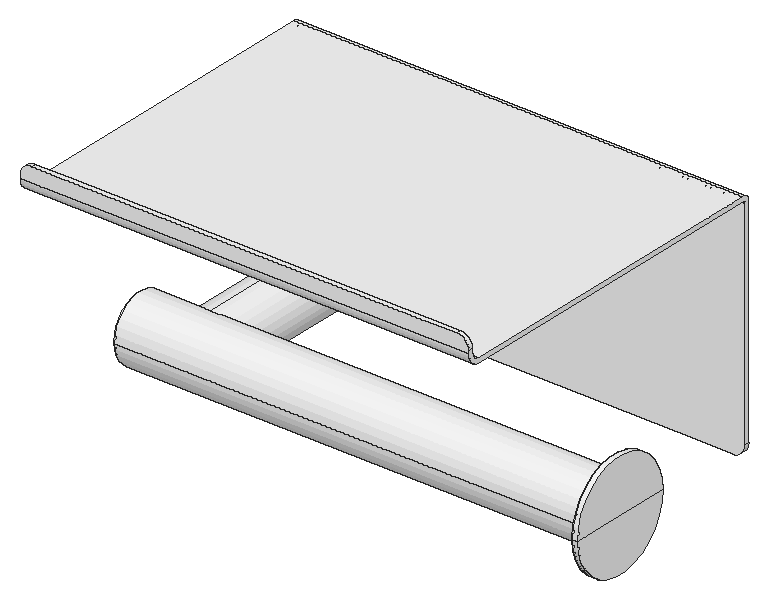
Revit family "Reece_Accessory_Roca_Ona_Toilet Roll Holder_With Cover", category Plumbing Fixtures, Revit 2018
Family settings
  Round Connector Dimension = Use Diameter
  Part Type = Normal
  Work Plane-Based = Yes
  Always vertical = Yes
  Cut with Voids When Loaded = Yes
  Shared = Yes
  Room Calculation Point = Yes
Parameters
  URL = "https://www.reece.com.au/product/-15062"
  Type Comments = "Accessory"
  Reece_Product_Web Page = "https://www.reece.com.au/product/-15062"
  Reece_Product_Type = "Accessory"  # constant formula
  Reece_Product_Sub Brand = "Ona"  # constant formula
  Reece_Product_Number = "15062"
  Reece_Product_Mount = "Wall Mounted"  # constant formula
  Reece_Product_Description = "Roca Ona Toilet Roll Holder with Cover Chrome"
  Reece_Product_Brand = "Roca"  # constant formula
  Reece_Overall_Width = 163.5 mm  # constant formula
  Reece_Overall_Projection = 118.5 mm  # constant formula
  Reece_Material_Main = Reece_Brass_Chrome
  Reece_Height_From_Level [instance] = 1000.0 mm
  Reece_Fixing_Limit [instance] = if(Reece_Height_From_Level < 18.0 mm, 18.0 mm, if(Reece_Height_From_Level > 18.0 mm, Reece_Height_From_Level, Reece_Height_From_Level))  # 1000.0 mm
  Reece_Detail_Shape = ""
  Reece_Detail_Installation = ""
  Reece_Detail_Disclaimer = "THIS FILE IS THE PROPERTY OF THE REECE GROUP. IT MAY NOT BE REPRODUCED, REVERSE-ENGINEERED, OR MODIFIED. ANY REPUBLICATION, TRANSMISSION, OR DISTRIBUTION FOR THE PURPOSE OF COMMERCIALLY EXPLOITING THE FILES IS PROHIBITED."  # constant formula
  Reece_Detail_Additional = "With Cover"  # constant formula
  Model = "Ona"
  Manufacturer = "Roca"
  Keynote = "Product #15062, Reece_Accessory_Roca_Ona_Toilet Roll Holder_With Cover -  "
  Disclaimer = "THIS FILE IS THE PROPERTY OF THE REECE GROUP. IT MAY NOT BE REPRODUCED, REVERSE-ENGINEERED, OR MODIFIED. ANY REPUBLICATION, TRANSMISSION, OR DISTRIBUTION FOR THE PURPOSE OF COMMERCIALLY EXPLOITING THE FILES IS PROHIBITED."  # constant formula
  Description = "Roca Ona Toilet Roll Holder with Cover Chrome"
  Default Elevation = 0.0 mm
Types (6, lengths in mm): name | URL | Reece_Product_Web Page | Reece_Product_Number | Reece_Product_Description | Reece_Material_Main | Keynote | Description
  (no name) | "https://www.reece.com.au/product/-15062" | "https://www.reece.com.au/product/-15062" | "15062" | "Roca Ona Toilet Roll Holder with Cover Chrome" | Reece_Brass_Chrome | "Product #15062, Reece_Accessory_Roca_Ona_Toilet Roll Holder_With Cover -  " | "Roca Ona Toilet Roll Holder with Cover Chrome"
  Matte Black | "https://www.reece.com.au/product/-15063" | "https://www.reece.com.au/product/-15063" | "15063" | "Roca Ona Toilet Roll Holder with Cover Matte Black" | Reece_Brass_Matte Black | "Product #15063, Reece_Accessory_Roca_Ona_Toilet Roll Holder_With Cover - Matte Black" | "Roca Ona Toilet Roll Holder with Cover Matte Black"
  Brushed Nickel | "https://www.reece.com.au/product/-15065" | "https://www.reece.com.au/product/-15065" | "15065" | "Roca Ona Toilet Roll Holder with Cover Brushed Nickel" | Reece_Brass_Brushed Nickel | "Product #15065, Reece_Accessory_Roca_Ona_Toilet Roll Holder_With Cover - Brushed Nickel" | "Roca Ona Toilet Roll Holder with Cover Brushed Nickel"
  Brushed Brass | "https://www.reece.com.au/product/-15066" | "https://www.reece.com.au/product/-15066" | "15066" | "Roca Ona Toilet Roll Holder with Cover Brushed Brass" | Reece_Brass_Brushed | "Product #15066, Reece_Accessory_Roca_Ona_Toilet Roll Holder_With Cover - Brushed Brass" | "Roca Ona Toilet Roll Holder with Cover Brushed Brass"
  Chrome | "https://www.reece.com.au/product/-15062" | "https://www.reece.com.au/product/-15062" | "15062" | "Roca Ona Toilet Roll Holder with Cover Chrome" | Reece_Brass_Chrome | "Product #15062, Reece_Accessory_Roca_Ona_Toilet Roll Holder_With Cover - Chrome" | "Roca Ona Toilet Roll Holder with Cover Chrome"
  Matte White | "https://www.reece.com.au/product/-15064" | "https://www.reece.com.au/product/-15064" | "15064" | "Roca Ona Toilet Roll Holder with Cover Matte White" | Reece_Brass_Brushed Matte White | "Product #15064, Reece_Accessory_Roca_Ona_Toilet Roll Holder_With Cover - Matte White" | "Roca Ona Toilet Roll Holder with Cover Matte White"
Reference planes
  plane 1 "Center (Front/Back)": y = 0
  plane 2: z = -5
  plane 3 "Center (Left/Right)": x = 0
  plane 4 "Ref": z = 1000
  plane 5: z = 986
  plane 6: z = 1074
  plane 7 "Connect": x = -57.5
  plane 8: x = -27.5
  plane 9: y = -65.583
  plane 10 "Rail": y = -65.583
  plane 11: x = -78.5
  plane 12: y = -118.5
  plane 13: x = 85
Forms (mm)
  Revolve 1, void
    sketch origin (-57.5, 0, 0) x (0, -1, 0) y (0, 0, 1)
      loop
        line (22, 988.971) -> (22, 990.69)
        arc (22, 990.69) -> (20.482, 990.806) -> (19, 991.15) r 10.021
        line (19, 991.15) -> (19, 988.971) -> (22, 988.971)
      axis (22, 991.15) -> (22, 988.971)
    angle from 0 to 360
  Revolve 2, void
    sketch origin (-57.5, 0, 0) x (0, -1, 0) y (0, 0, 1)
      loop
        line (37, 988.971) -> (37, 990.69)
        arc (37, 990.69) -> (35.482, 990.806) -> (34, 991.15) r 10.021
        line (34, 991.15) -> (34, 988.971) -> (37, 988.971)
      axis (37, 991.15) -> (37, 988.971)
    angle from 0 to 360
  Extrusion 3, void
    sketch origin (-57.5, 0, 1000) x (-1, 0, 0) y (0, -1, 0)
      loop
        line (0, 38.424) -> (-1.233, 37.712) -> (-1.233, 36.288) -> (0, 35.576) -> (1.233, 36.288) -> (1.233, 37.712) -> (0, 38.424)
      loop
        line (0, 23.424) -> (-1.233, 22.712) -> (-1.233, 21.288) -> (0, 20.576) -> (1.233, 21.288) -> (1.233, 22.712) -> (0, 23.424)
    from -13.157 to 0
  Extrusion 4, solid, material "Reece_Brass_Chrome" <- "Reece_Material_Main"
    sketch origin (0, 0, 0) x (0, 1, 0) y (0, 0, 1)
      loop
        arc (0, 1063.5) -> (-0.732, 1065.268) -> (-2.5, 1066) r 2.5
        line (-2.5, 1066) -> (-114, 1066)
        arc (-114, 1066) -> (-116.121, 1066.879) -> (-117, 1069) r 3
        line (-117, 1069) -> (-117, 1074) -> (-118.5, 1074) -> (-118.5, 1069)
        arc (-118.5, 1069) -> (-117.182, 1065.818) -> (-114, 1064.5) r 4.5
        line (-114, 1064.5) -> (-2.5, 1064.5)
        arc (-2.5, 1064.5) -> (-1.793, 1064.207) -> (-1.5, 1063.5) r 1
        line (-1.5, 1063.5) -> (-1.5, 986) -> (0, 986) -> (0, 1063.5)
    from -76 to 76
  Extrusion 5, void
    sketch origin (0, 0, 0) x (1, 0, 0) y (0, 0, 1)
      loop
        arc (-76, 1070) -> (-74.828, 1072.828) -> (-72, 1074) r 4
        line (-72, 1074) -> (-61, 1074) -> (-61, 1086.487) -> (-91, 1086.487) -> (-91, 1056.487) -> (-76, 1056.487) -> (-76, 1070)
      loop
        line (76, 1056.487) -> (91, 1056.487) -> (91, 1086.487) -> (61, 1086.487) -> (61, 1074) -> (72, 1074)
        arc (72, 1074) -> (74.828, 1072.828) -> (76, 1070) r 4
        line (76, 1070) -> (76, 1056.487)
      loop
        circle (-30, 1029) r 2.5
      loop
        circle (30, 1029) r 2.5
      loop
        line (-76, 990) -> (-76, 1003.513) -> (-91, 1003.513) -> (-91, 973.513) -> (-61, 973.513) -> (-61, 986) -> (-72, 986)
        arc (-72, 986) -> (-74.828, 987.172) -> (-76, 990) r 4
      loop
        line (76, 1003.513) -> (76, 990)
        arc (76, 990) -> (74.828, 987.172) -> (72, 986) r 4
        line (72, 986) -> (61, 986) -> (61, 973.513) -> (91, 973.513) -> (91, 1003.513) -> (76, 1003.513)
    from 0 to 118.5
  Revolve 6, solid, material "Reece_Brass_Chrome" <- "Reece_Material_Main"
    sketch origin (-57.5, 0, 0) x (0, -1, 0) y (0, 0, 1)
      loop
        line (0, 1010) -> (0, 1000) -> (65.583, 1000) -> (65.583, 1010) -> (0, 1010)
      axis (0, 1000) -> (65.583, 1000)
    angle from 0 to 360
  Revolve 7, solid, material "Reece_Brass_Chrome" <- "Reece_Material_Main"
    sketch origin (0, 0, 1000) x (-1, 0, 0) y (0, -1, 0)
      loop
        line (78.5, 65.583) -> (-85, 65.583) -> (-85, 47.583) -> (-83.38, 47.583)
        arc (-83.38, 47.583) -> (-83.027, 47.729) -> (-82.88, 48.083) r 0.5
        line (-82.88, 48.083) -> (-82.88, 54.583) -> (77.5, 54.583)
        arc (77.5, 54.583) -> (78.227, 55.182) -> (78.5, 56.083) r 1.625
        line (78.5, 56.083) -> (78.5, 65.583)
      axis (78.5, 65.583) -> (-85, 65.583)
    angle from 0 to 360
Cuts and joins
  Extrusion 5 cuts Extrusion 4
  Revolve 1, Revolve 2, Extrusion 3 cuts Revolve 6
  joined: Extrusion 4, Revolve 6, Revolve 7
Lines and regions (mm)
  model lines, style "InvisibleLines"
    curve 1: line (0, 0, -5) -> (0, 0, 1000)
Text (mm)
  text "Reece Copyright © 2018, Reece Ltd." at (-381.4, -97.774, 0), in view "Ref. Level"
  text "Reece ©" at (-291.324, 461.187, 666.85), in view "Reece Preview"
Dimensions and locks
  locked: plane 2 to level at 5
  "Reece_Fixing_Limit": plane 4 "Ref" to level
  plane 4 "Ref" to Revolve 1 sketch curve to Revolve 1 sketch curve to Revolve 1 sketch curve = 8.85 mm locked, 0.46 mm locked, 1.72 mm locked
  Revolve 2 sketch curve to Revolve 2 sketch curve to Revolve 2 sketch curve = 0.46 mm locked, 1.72 mm locked
  locked: plane 4 "Ref" to plane 5 at 14
  plane 6 to plane 5 = 88.0 mm
  plane 3 "Center (Left/Right)" to plane 7 "Connect" to plane 11 = 57.5 mm locked, 21.0 mm locked
  Extrusion 5 sketch curve to plane 6 to Extrusion 5 sketch curve to Extrusion 5 sketch curve to Extrusion 5 sketch curve to Extrusion 5 sketch curve to Extrusion 5 sketch curve = 12.487 mm locked, 4.0 mm locked, 13.513 mm locked, 52.974 mm locked, 13.513 mm locked, 16.487 mm locked
  locked: plane 6 to Extrusion 5 sketch curve at 45  (x2)
  plane 1 "Center (Front/Back)" to plane 10 "Rail" = 65.583 mm
  "Reece_Overall_Projection": plane 12 to plane 1 "Center (Front/Back)"
  "Reece_Overall_Width": plane 11 to plane 13
  locked: plane 13 to plane 3 "Center (Left/Right)" at 85
  aligned and locked: plane 3 "Center (Left/Right)" to curve 1
  aligned and locked: plane 2 to curve 1
  aligned and locked: plane 4 "Ref" to Extrusion 3
  aligned and locked: plane 1 "Center (Front/Back)" to Extrusion 4 sketch curve
  aligned and locked: plane 5 to Extrusion 4 sketch curve
  aligned and locked: plane 6 to Extrusion 4 sketch curve
  aligned and locked: Extrusion 4 to Extrusion 5 sketch curve  (x2)
  aligned and locked: Extrusion 5 sketch curve to plane 6
  aligned and locked: Extrusion 5 to Extrusion 4
  aligned and locked: plane 5 to Extrusion 5 sketch curve
  aligned and locked: Extrusion 5 sketch curve to plane 5
  aligned and locked: Extrusion 5 sketch curve to cut or joined group of Revolve 1, Revolve 2, Extrusion 3, Extrusion 4, Extrusion 5, Revolve 6, Revolve 7  (x2)
  aligned and locked: Revolve 6 sketch curve to plane 4 "Ref"
  aligned and locked: cut or joined group of Revolve 1, Revolve 2, Extrusion 3, Extrusion 4, Extrusion 5, Revolve 6, Revolve 7 to plane 10 "Rail"
Automatic sketch dimensions
  curve 1 to plane 4 "Ref" = 0.0 mm
  Extrusion 3 sketch curve to plane 3 "Center (Left/Right)" = 57.5 mm  (x4)
  Extrusion 3 sketch curve to plane 3 "Center (Left/Right)" = 56.267 mm  (x2)
  Extrusion 3 sketch curve to plane 3 "Center (Left/Right)" = 58.733 mm  (x2)
  Extrusion 3 sketch curve to Extrusion 3 sketch curve = 0.712 mm  (x6)
  Extrusion 3 sketch curve to Extrusion 3 sketch curve = 1.424 mm  (x4)
  Extrusion 3 sketch curve to Extrusion 3 sketch curve = 12.152 mm
  plane 1 "Center (Front/Back)" to Extrusion 3 sketch curve = 20.576 mm
  Extrusion 4 sketch curve to Extrusion 4 sketch curve = 0.0 mm  (x3)
  Extrusion 4 sketch curve to Extrusion 4 sketch curve = 1.0 mm
  Extrusion 4 sketch curve to plane 6 = 5.0 mm
  Extrusion 4 sketch curve to Extrusion 4 sketch curve = 111.5 mm
  Extrusion 4 sketch curve to Extrusion 4 sketch curve = 3.0 mm
  Extrusion 4 sketch curve to Extrusion 4 sketch curve = 4.5 mm
  plane 1 "Center (Front/Back)" to Extrusion 4 sketch curve = 1.5 mm
  Extrusion 5 sketch curve to plane 6 = 0.0 mm
  Extrusion 5 sketch curve to Extrusion 5 sketch curve = 15.0 mm  (x5)
  plane 7 "Connect" to Extrusion 5 sketch curve = 3.5 mm  (x2)
  Extrusion 5 sketch curve to plane 7 "Connect" = 27.5 mm
  plane 3 "Center (Left/Right)" to Extrusion 5 sketch curve = 30.0 mm
  Extrusion 5 sketch curve to Extrusion 5 sketch curve = 11.0 mm
  Extrusion 5 sketch curve to Extrusion 5 sketch curve = 4.0 mm  (x2)
  Extrusion 5 sketch curve to plane 5 = 12.487 mm
  plane 4 "Ref" to Extrusion 5 sketch curve = 3.513 mm
  Extrusion 5 sketch curve to plane 6 = 17.513 mm
  plane 6 to Extrusion 5 sketch curve = 12.487 mm
  Revolve 6 sketch curve to plane 1 "Center (Front/Back)" = 0.0 mm
  Revolve 6 sketch curve to plane 4 "Ref" = 0.0 mm
  plane 1 "Center (Front/Back)" to Revolve 6 sketch curve = 65.583 mm
  plane 4 "Ref" to Revolve 6 sketch curve = 10.0 mm
  Revolve 6 sketch curve to Revolve 6 sketch curve = 107.724 mm
  Revolve 6 sketch curve to Revolve 6 sketch curve = 367.53 mm
  plane 5 to Revolve 2 sketch curve = 5.15 mm
  plane 1 "Center (Front/Back)" to Revolve 2 sketch curve = 34.0 mm
  Revolve 2 sketch curve to Revolve 2 sketch curve = 3.0 mm
  Revolve 2 sketch curve to Revolve 2 sketch curve = 0.0 mm
  Revolve 2 sketch curve to plane 5 = 13.456 mm
  Revolve 2 sketch curve to Revolve 2 sketch curve = 21.832 mm
  plane 1 "Center (Front/Back)" to Revolve 1 sketch curve = 19.0 mm
  Revolve 1 sketch curve to Revolve 1 sketch curve = 3.0 mm
  Revolve 1 sketch curve to Revolve 1 sketch curve = 0.0 mm
  Revolve 1 sketch curve to plane 5 = 13.456 mm
  Revolve 1 sketch curve to Revolve 1 sketch curve = 21.832 mm
  plane 9 to Revolve 7 sketch curve = 0.0 mm  (x2)
  plane 9 to Revolve 7 sketch curve = 18.0 mm
  plane 3 "Center (Left/Right)" to Revolve 7 sketch curve = 85.0 mm
  Revolve 7 sketch curve to Revolve 7 sketch curve = 1.62 mm
  Revolve 7 sketch curve to Revolve 7 sketch curve = 0.5 mm
  plane 9 to Revolve 7 sketch curve = 9.5 mm
  plane 7 "Connect" to Revolve 7 sketch curve = 19.375 mm
  Revolve 7 sketch curve to Revolve 7 sketch curve = 0.625 mm
  Revolve 7 sketch curve to Revolve 7 sketch curve = 1.625 mm
  Revolve 7 sketch curve to Revolve 7 sketch curve = 17.5 mm
  Revolve 7 sketch curve to Revolve 7 sketch curve = 39.0 mm
  radius of Extrusion 5 sketch curve = 2.5 mm  (x2)
